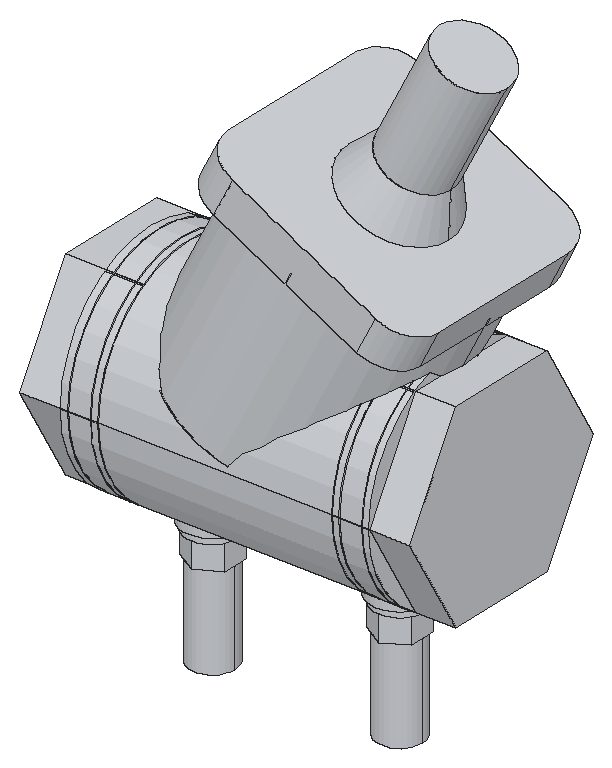
Revit family "Sigma_Compact_DN032_RFA_2019", category Pipe Accessories, Revit 2019
Family settings
  Round Connector Dimension = Use Diameter
  Part Type = Valve - Breaks Into
  Work Plane-Based = No
  Always vertical = Yes
  Cut with Voids When Loaded = No
  Shared = No
Parameters (values of type "Sigma Compact DN 32 s měřením")
  magiProductId = "7bc6b6dac0dd45edbe26d667b48f95"
  magiProductFamilyId = "3fdb776034814e15a56dcfd1ac03e4"
  magiPartTypeId = 304
  isMeasuringValve [instance] = no
  ang2D [instance] = 0.00°
  Z6 = 33 mm
  Z5 = 77 mm
  Z4 = 66 mm
  Z3 = 11 mm
  Z2 = 55 mm
  XR2 = 37.5 mm
  XR1 = 25.5 mm
  W2D = 32 mm
  VersionID = "2.0/2018.12.13.2/FRESE_SIGMA_PLUG_Q13_001"
  Use Minimum Symbol Size [instance] = no
  URL = "www.hydronix.cz"
  Type Comments = "závitový; vnitřní závit; PN25; max dp=400kPa; -10~+120°C; max uzavírací tlak 1MPa"
  R4 = 15 mm
  R3 = 10 mm
  R2 = 30.5 mm
  R1 = 31.5 mm
  QmdConnectorList = "301;D;302;D"
  Productdata [instance] = ""
  NL__ve = -NL  # -20.8 mm
  NL = 20.8 mm
  Manufacturer = "Hydronix"
  MC Use Limits From Balancing Method = no
  MC Throttling Minimum Value = 0
  MC Throttling Maximum Value = 0
  MC Product Code = "53-2206 DN32 FF s měřením; (200-5000 l/h); kvs=10,9"
  MC Pressure Drop Minimum Value = 0.0 Pa
  MC Pressure Drop Maximum Value = 0.0 Pa
  MC Piping Given Pressure Drop [instance] = 0.0 Pa
  M5 = 41.2 mm
  M4 = 39.2 mm
  M3 = 33.2 mm
  M2 = 31.2 mm
  LP = 52 mm
  LM = 62.4 mm
  LL__ve = -LL  # -6.8 mm
  LLT__ve = -LLT  # -22.6 mm
  LLT = 22.6 mm
  LLL = 11 mm
  LL3 = 52 mm
  LL2 = 43 mm
  LL = 6.8 mm
  L3 = 25 mm
  L2D_Min = 30.48 mm
  L2D = 82.4 mm
  Description = "Automatický vyvažovací ventil"
  DR1 = no
  DR0 = yes
  DL2 = 77 mm
  D = 32 mm
  CenSd_R2_6 = R2 * cos(30.00°)  # 26.414 mm
  CAT0 = yes
  C0D1 = no
  C0D0 = yes
Types (3, lengths in mm): name | magiProductId | Z6 | Z5 | Z4 | Z3 | Z2 | NL__ve | NL | MC Product Code | M5 | M4 | M3 | M2 | LP | LM | LL__ve | LLT__ve | LLT | LL3 | LL2 | LL | DL2 | D
  Sigma Compact DN 32 s měřením | "7bc6b6dac0dd45edbe26d667b48f95" | 33 | 77 | 66 | 11 | 55 | -20.8 | 20.8 | "53-2206 DN32 FF s měřením; (200-5000 l/h); kvs=10,9" | 41.2 | 39.2 | 33.2 | 31.2 | 52 | 62.4 | -6.8 | -22.6 | 22.6 | 52 | 43 | 6.8 | 77 | 32
  Sigma Compact DN 40 s měřením | "4e1b5a17d6804847bd559f7e701d18" | 39.3 | 91.7 | 78.6 | 13.1 | 65.5 | -27.6 | 27.6 | "53-2206 DN40 FF s měřením; (719-7400 l/h); kvs=18,0" | 51.4 | 49.4 | 43.4 | 41.4 | 69 | 82.8 | -7 | -24 | 24 | 54 | 45 | 7 | 79 | 40
  Sigma Compact DN 50 s měřením | "620459ae7aa94407adeea4e77bc07b" | 39.3 | 91.7 | 78.6 | 13.1 | 65.5 | -27.6 | 27.6 | "53-2207 DN50 FF s měřením; (900-10350 l/h); kvs=20,3" | 51.4 | 49.4 | 43.4 | 41.4 | 69 | 82.8 | -7.6 | -28.2 | 28.2 | 60 | 51 | 7.6 | 85 | 50
Reference planes
  plane 1 "Center (Front/Back)": y = 0
  plane 2 "XYPLANE": z = 0
  plane 3 "Center (Left/Right)": x = 0
  plane 4 "408": x = 52
  plane 5 "407": x = -52
  plane 6 "404": z = -45.2
  plane 7 "403": z = -52
  plane 8 "402": z = -77
  plane 9 "213": x = -25
  plane 10 "168": z = -18.6
  plane 11 "167": z = -20.6
  plane 12 "166": z = -27.4
  plane 13 "165": z = -34.2
  plane 14 "164": z = -36.2
  plane 15 "154": z = 0
  plane 16 "152": y = 0
  plane 17 "151": z = -43
  plane 18 "150": x = 25
  plane 19 "75": through (307.08, 0, 685.28) normal (0.891, 0, -0.454)
  plane 20 "74": x = 41.2
  plane 21 "73": x = 39.2
  plane 22 "72": x = 33.2
  plane 23 "71": x = 31.2
  plane 24 "70": x = -41.2
  plane 25 "69": x = -39.2
  plane 26 "68": x = -33.2
  plane 27 "67": y = 0
  plane 28 "66": through (-666.893, 0, 343.166) normal (0.454, 0, 0.891)
  plane 29 "65": x = -31.2
  plane 30 "64": through (335.147, 0, 670.979) normal (0.891, 0, -0.454)
  plane 31 "63": through (-643.285, 0, 389.498) normal (0.454, 0, 0.891)
  plane 32 "62": through (363.214, 0, 656.678) normal (0.891, 0, -0.454)
  plane 33 "61": y = 31.5
  plane 34 "60": y = -31.5
  plane 35 "59": through (-638.292, 0, 399.299) normal (0.454, 0, 0.891)
  plane 36 "58": through (-633.298, 0, 409.1) normal (0.454, 0, 0.891)
  plane 37 "56": x = 0
  plane 38 "55": through (-668.255, 0, 340.493) normal (0.454, 0, 0.891)
  plane 39 "102XY": through (-668.255, 0, 340.493) normal (0.454, 0, 0.891)
  plane 40 "102XZ": y = 0
  plane 41 "102YZ": through (340.493, 0, 668.255) normal (0.891, 0, -0.454)
Forms (mm)
  Extrusion 1, solid
    sketch origin (52, -750, 0) x (0, 1, 0) y (0, 0, 1)
      loop
        line (780.5, 0) -> (765.25, 26.414) -> (734.75, 26.414) -> (719.5, 0) -> (734.75, -26.414) -> (765.25, -26.414) -> (780.5, 0)
    from 0 to -20.8 <- "NL__ve"
  Extrusion 2, solid
    sketch origin (-52, -750, 0) x (0, 1, 0) y (0, 0, 1)
      loop
        line (719.5, 0) -> (734.75, -26.414) -> (765.25, -26.414) -> (780.5, 0) -> (765.25, 26.414) -> (734.75, 26.414) -> (719.5, 0)
    from 0 to 20.8 <- "NL"
  Extrusion 3, solid, visible <- "C0D1"
    sketch origin (-750, 0, -77) x (1, 0, 0) y (0, 1, 0)
      loop
        circle (725, 0) r 7
    from 0 to 50
  Extrusion 4, solid, visible <- "DR1"
    sketch origin (-750, 0, -45.2) x (1, 0, 0) y (0, 1, 0)
      loop
        line (725, -8) -> (731.928, -4) -> (731.928, 4) -> (725, 8) -> (718.072, 4) -> (718.072, -4) -> (725, -8)
    from 0 to -6.8 <- "LL__ve"
  Extrusion 5, solid, visible <- "DR1"
    sketch origin (-750, 0, -45.2) x (1, 0, 0) y (0, 1, 0)
      loop
        circle (725, 0) r 8
    from 0 to 11 <- "LLL"
  Extrusion 6, solid, visible <- "DR1"
    sketch origin (-750, 0, -34.2) x (1, 0, 0) y (0, 1, 0)
      loop
        circle (725, 0) r 9
    from 0 to 6.8 <- "LL"
  Extrusion 7, solid, visible <- "DR1"
    sketch origin (-750, 0, -27.4) x (1, 0, 0) y (0, 1, 0)
      loop
        circle (725, 0) r 10
    from 0 to 6.8 <- "LL"
  Blend 8, solid, visible <- "DR1"
    base sketch origin (-750, 0, -18.6) x (1, 0, 0) y (0, 1, 0)
      loop
        circle (725, 0) r 7.5
    top sketch origin (-750, 0, -18.6) x (1, 0, 0) y (0, 1, 0)
      loop
        circle (725, 0) r 10
    from 0 to -2
  Extrusion 9, solid, visible <- "DR1"
    sketch origin (-750, 0, 0) x (1, 0, 0) y (0, 1, 0)
      loop
        circle (725, 0) r 7.5
    from 0 to -22.6 <- "LLT__ve"
  Extrusion 10, solid, visible <- "C0D0"
    sketch origin (-750, 0, -43) x (1, 0, 0) y (0, 1, 0)
      loop
        circle (725, 0) r 6
    from 0 to -25
  Extrusion 11, solid, visible <- "DR0"
    sketch origin (-750, 0, -36.2) x (1, 0, 0) y (0, 1, 0)
      loop
        line (725, -7) -> (731.062, -3.5) -> (731.062, 3.5) -> (725, 7) -> (718.938, 3.5) -> (718.938, -3.5) -> (725, -7)
    from 0 to -6.8 <- "LL__ve"
  Extrusion 12, solid, visible <- "DR0"
    sketch origin (-750, 0, -36.2) x (1, 0, 0) y (0, 1, 0)
      loop
        circle (725, 0) r 7
    from 0 to 2
  Extrusion 13, solid, visible <- "DR0"
    sketch origin (-750, 0, -27.4) x (1, 0, 0) y (0, 1, 0)
      loop
        circle (725, 0) r 9
    from 0 to 6.8 <- "LL"
  Blend 14, solid, visible <- "DR0"
    base sketch origin (-750, 0, -18.6) x (1, 0, 0) y (0, 1, 0)
      loop
        circle (725, 0) r 6.5
    top sketch origin (-750, 0, -18.6) x (1, 0, 0) y (0, 1, 0)
      loop
        circle (725, 0) r 9
    from 0 to -2
  Extrusion 15, solid, visible <- "DR0"
    sketch origin (-750, 0, 0) x (1, 0, 0) y (0, 1, 0)
      loop
        circle (725, 0) r 6.5
    from 0 to -22.6 <- "LLT__ve"
  Extrusion 16, solid, visible <- "DR0"
    sketch origin (-750, 0, 0) x (1, 0, 0) y (0, 1, 0)
      loop
        circle (725, 0) r 6.5
    from 0 to -22.6 <- "LLT__ve"
  Blend 17, solid, visible <- "DR0"
    base sketch origin (-750, 0, -18.6) x (1, 0, 0) y (0, 1, 0)
      loop
        circle (725, 0) r 6.5
    top sketch origin (-750, 0, -18.6) x (1, 0, 0) y (0, 1, 0)
      loop
        circle (725, 0) r 9
    from 0 to -2
  Extrusion 18, solid, visible <- "DR0"
    sketch origin (-750, 0, -27.4) x (1, 0, 0) y (0, 1, 0)
      loop
        circle (725, 0) r 9
    from 0 to 6.8 <- "LL"
  Extrusion 19, solid, visible <- "DR0"
    sketch origin (-750, 0, -34.2) x (1, 0, 0) y (0, 1, 0)
      loop
        circle (725, 0) r 8
    from 0 to 6.8 <- "LL"
  Extrusion 20, solid, visible <- "DR0"
    sketch origin (-750, 0, -36.2) x (1, 0, 0) y (0, 1, 0)
      loop
        circle (725, 0) r 7
    from 0 to 2
  Extrusion 21, solid, visible <- "DR0"
    sketch origin (-750, 0, -36.2) x (1, 0, 0) y (0, 1, 0)
      loop
        line (725, -7) -> (731.062, -3.5) -> (731.062, 3.5) -> (725, 7) -> (718.938, 3.5) -> (718.938, -3.5) -> (725, -7)
    from 0 to -6.8 <- "LL__ve"
  Extrusion 22, solid, visible <- "C0D0"
    sketch origin (-750, 0, -43) x (1, 0, 0) y (0, 1, 0)
      loop
        circle (725, 0) r 6
    from 0 to -25
  Extrusion 23, solid, visible <- "CAT0"
    sketch origin (-750, 0, -43) x (1, 0, 0) y (0, 1, 0)
      loop
        circle (775, 0) r 6
    from 0 to -25
  Extrusion 24, solid
    sketch origin (-750, 0, -36.2) x (1, 0, 0) y (0, 1, 0)
      loop
        line (775, -7) -> (781.062, -3.5) -> (781.062, 3.5) -> (775, 7) -> (768.938, 3.5) -> (768.938, -3.5) -> (775, -7)
    from 0 to -6.8 <- "LL__ve"
  Extrusion 25, solid
    sketch origin (-750, 0, -36.2) x (1, 0, 0) y (0, 1, 0)
      loop
        circle (775, 0) r 7
    from 0 to 2
  Extrusion 26, solid
    sketch origin (-750, 0, -34.2) x (1, 0, 0) y (0, 1, 0)
      loop
        circle (775, 0) r 8
    from 0 to 6.8 <- "LL"
  Extrusion 27, solid
    sketch origin (-750, 0, -27.4) x (1, 0, 0) y (0, 1, 0)
      loop
        circle (775, 0) r 9
    from 0 to 6.8 <- "LL"
  Blend 28, solid
    base sketch origin (-750, 0, -18.6) x (1, 0, 0) y (0, 1, 0)
      loop
        circle (775, 0) r 6.5
    top sketch origin (-750, 0, -18.6) x (1, 0, 0) y (0, 1, 0)
      loop
        circle (775, 0) r 9
    from 0 to -2
  Extrusion 29, solid
    sketch origin (-750, 0, 0) x (1, 0, 0) y (0, 1, 0)
      loop
        circle (775, 0) r 6.5
    from 0 to -22.6 <- "LLT__ve"
  Blend 30, solid, visible <- "CAT0"
    base sketch origin (39.2, -750, 0) x (0, 1, 0) y (0, 0, 1)
      loop
        circle (750, 0) r 30.5
    top sketch origin (39.2, -750, 0) x (0, 1, 0) y (0, 0, 1)
      loop
        circle (750, 0) r 30.5
    from 0 to 2
  Extrusion 31, solid, visible <- "CAT0"
    sketch origin (33.2, -750, 0) x (0, 1, 0) y (0, 0, 1)
      loop
        circle (750, 0) r 30.5
    from 0 to 6
  Blend 32, solid, visible <- "CAT0"
    base sketch origin (31.2, -750, 0) x (0, 1, 0) y (0, 0, 1)
      loop
        circle (750, 0) r 30.5
    top sketch origin (31.2, -750, 0) x (0, 1, 0) y (0, 0, 1)
      loop
        circle (750, 0) r 30.5
    from 0 to 2
  Blend 33, solid, visible <- "CAT0"
    base sketch origin (-39.2, -750, 0) x (0, 1, 0) y (0, 0, 1)
      loop
        circle (750, 0) r 30.5
    top sketch origin (-39.2, -750, 0) x (0, 1, 0) y (0, 0, 1)
      loop
        circle (750, 0) r 30.5
    from 0 to -2
  Extrusion 34, solid, visible <- "CAT0"
    sketch origin (-39.2, -750, 0) x (0, 1, 0) y (0, 0, 1)
      loop
        circle (750, 0) r 30.5
    from 0 to 6
  Blend 35, solid, visible <- "CAT0"
    base sketch origin (-33.2, -750, 0) x (0, 1, 0) y (0, 0, 1)
      loop
        circle (750, 0) r 30.5
    top sketch origin (-33.2, -750, 0) x (0, 1, 0) y (0, 0, 1)
      loop
        circle (750, 0) r 30.5
    from 0 to 2
  Extrusion 36, solid, visible <- "CAT0"
    sketch origin (-31.2, -750, 0) x (0, 1, 0) y (0, 0, 1)
      loop
        circle (750, 0) r 30.5
    from 0 to 62.4 <- "LM"
  Extrusion 37, solid, visible <- "CAT0"
    sketch origin (-666.893, 0, 343.166) x (0.891007, 0, -0.45399) y (0, 1, 0)
      loop
        circle (744, 0) r 31.5
    from 0 to 55 <- "Z2"
  Extrusion 38, solid, visible <- "CAT0"
    sketch origin (-643.285, 0, 389.498) x (0.891007, 0, -0.45399) y (0, 1, 0)
      loop
        arc (722.5, 31.5) -> (715.429, 28.571) -> (712.5, 21.5) r 10
        line (712.5, 21.5) -> (712.5, -21.5)
        arc (712.5, -21.5) -> (715.429, -28.571) -> (722.5, -31.5) r 10
        line (722.5, -31.5) -> (765.5, -31.5)
        arc (765.5, -31.5) -> (772.571, -28.571) -> (775.5, -21.5) r 10
        line (775.5, -21.5) -> (775.5, 21.5)
        arc (775.5, 21.5) -> (772.571, 28.571) -> (765.5, 31.5) r 10
        line (765.5, 31.5) -> (722.5, 31.5)
    from 0 to 11 <- "Z3"
  Blend 39, solid, visible <- "CAT0"
    base sketch origin (-638.292, 0, 399.299) x (0.891007, 0, -0.45399) y (0, 1, 0)
      loop
        circle (744, 0) r 15
    top sketch origin (-638.292, 0, 399.299) x (0.891007, 0, -0.45399) y (0, 1, 0)
      loop
        circle (744, 0) r 10
    from 0 to 11
  Extrusion 40, solid, visible <- "CAT0"
    sketch origin (-633.298, 0, 409.1) x (0.891007, 0, -0.45399) y (0, 1, 0)
      loop
        circle (744, 0) r 10
    from 0 to 33 <- "Z6"
  Blend 41, solid, visible <- "CAT0"
    base sketch origin (-668.255, 0, 340.493) x (0.891007, 0, -0.45399) y (0, 1, 0)
      loop
        circle (744, 0) r 15
    top sketch origin (-668.255, 0, 340.493) x (0.891007, 0, -0.45399) y (0, 1, 0)
      loop
        circle (744, 0) r 31.5
    from 0 to 3
  Extrusion 42, solid, not visible
    sketch origin (-41.2, -750, 0) x (0, 1, 0) y (0, 0, 1)
      loop
        circle (750, 0) r 10
    from 0 to 10
  Extrusion 43, solid, not visible
    sketch origin (41.2, -750, 0) x (0, 1, 0) y (0, 0, 1)
      loop
        circle (750, 0) r 10
    from 0 to -10
Lines and regions (mm)
  reference lines, not visible
    curve 1: circle (2, 2, 0) r 1 normal (0, 0, 1)
  reference lines
    curve 2: line (52, 0, 0) -> (52, -7.625, 13.207)
    curve 3: line (52, 0, 0) -> (52, -15.25, 0)
    curve 4: line (52, 0, 0) -> (52, -7.625, -13.207)
    curve 5: line (-52, 0, 0) -> (-52, 7.625, 13.207)
    curve 6: line (-52, 0, 0) -> (-52, 15.25, 0)
    curve 7: line (-52, 0, 0) -> (-52, 7.625, -13.207)
Dimensions and locks
  plane 1 "Center (Front/Back)" to curve 1 = 2 mm
  "LP": plane 37 "56" to plane 4 "408"
  "LP": plane 37 "56" to plane 5 "407"
  "LL": plane 7 "403" to plane 6 "404"
  "LL3": plane 2 "XYPLANE" to plane 7 "403"
  "DL2": plane 2 "XYPLANE" to plane 8 "402"
  "L3": plane 3 "Center (Left/Right)" to plane 9 "213"
  locked: plane 11 "167" to plane 10 "168" at 2
  "LL": plane 12 "166" to plane 11 "167"
  "LL": plane 13 "165" to plane 12 "166"
  locked: plane 14 "164" to plane 13 "165" at 2
  "LL": plane 17 "151" to plane 14 "164"
  locked: plane 2 "XYPLANE" to plane 15 "154"
  locked: plane 1 "Center (Front/Back)" to plane 16 "152"
  "LL2": plane 2 "XYPLANE" to plane 17 "151"
  "L3": plane 3 "Center (Left/Right)" to plane 18 "150"
  "XR2": plane 41 "102YZ" to plane 19 "75"
  "M5": plane 3 "Center (Left/Right)" to plane 20 "74"
  "M4": plane 3 "Center (Left/Right)" to plane 21 "73"
  "M3": plane 3 "Center (Left/Right)" to plane 22 "72"
  "M2": plane 3 "Center (Left/Right)" to plane 23 "71"
  "M5": plane 3 "Center (Left/Right)" to plane 24 "70"
  "M4": plane 3 "Center (Left/Right)" to plane 25 "69"
  "M3": plane 3 "Center (Left/Right)" to plane 26 "68"
  locked: plane 16 "152" to plane 27 "67"
  locked: plane 39 "102XY" to plane 28 "66" at 3
  "M2": plane 3 "Center (Left/Right)" to plane 29 "65"
  locked: plane 41 "102YZ" to plane 30 "64" at 6
  "Z2": plane 39 "102XY" to plane 31 "63"
  "XR1": plane 41 "102YZ" to plane 32 "62"
  "R1": plane 16 "152" to plane 33 "61"
  "R1": plane 16 "152" to plane 34 "60"
  "Z4": plane 39 "102XY" to plane 35 "59"
  "Z5": plane 39 "102XY" to plane 36 "58"
  locked: plane 3 "Center (Left/Right)" to plane 37 "56"
  locked: plane 39 "102XY" to plane 38 "55"
  "CenSd_R2_6": curve 2 to Extrusion 1 sketch curve  (x2)
  "CenSd_R2_6": curve 3 to Extrusion 1 sketch curve  (x2)
  "CenSd_R2_6": curve 4 to Extrusion 1 sketch curve  (x2)
  Extrusion 1 sketch curve to Extrusion 1 sketch curve = 0 mm  (x12)
  "CenSd_R2_6": curve 5 to Extrusion 2 sketch curve  (x2)
  "CenSd_R2_6": curve 6 to Extrusion 2 sketch curve  (x2)
  "CenSd_R2_6": curve 7 to Extrusion 2 sketch curve  (x2)
  Extrusion 2 sketch curve to Extrusion 2 sketch curve = 0 mm  (x12)
  Extrusion 4 sketch curve to Extrusion 4 sketch curve = 0 mm  (x12)
  Extrusion 11 sketch curve to Extrusion 11 sketch curve = 0 mm  (x12)
  Extrusion 21 sketch curve to Extrusion 21 sketch curve = 0 mm  (x12)
  Extrusion 24 sketch curve to Extrusion 24 sketch curve = 0 mm  (x12)
  Extrusion 38 sketch curve to Extrusion 38 sketch curve = 0 mm  (x16)
  "R2": radius of Blend 30 sketch curve  (x2)
  "R2": radius of Extrusion 31 sketch curve
  "R2": radius of Blend 32 sketch curve  (x2)
  "R2": radius of Blend 33 sketch curve  (x2)
  "R2": radius of Extrusion 34 sketch curve
  "R2": radius of Blend 35 sketch curve  (x2)
  "R2": radius of Extrusion 36 sketch curve
  "R1": radius of Extrusion 37 sketch curve
  radius of Extrusion 38 sketch curve = 10 mm  (x4)
  "R3": radius of Blend 39 sketch curve
  "R4": radius of Blend 39 sketch curve
  "R3": radius of Extrusion 40 sketch curve
  "R1": radius of Blend 41 sketch curve
  locked: curve 3 to curve 2 (angle 60.00°)
  locked: curve 4 to curve 3 (angle 60.00°)
  locked: curve 4 to curve 2 (angle 120.00°)
  locked: curve 6 to curve 5 (angle 60.00°)
  locked: curve 7 to curve 6 (angle 60.00°)
  locked: curve 7 to curve 5 (angle 120.00°)
  aligned and locked: level to plane 2 "XYPLANE"
  aligned and locked: plane 15 "154" to curve 4
  aligned and locked: curve 4 to plane 16 "152"
  aligned and locked: plane 15 "154" to curve 7
  aligned and locked: curve 7 to plane 16 "152"
  aligned and locked: plane 9 "213" to Extrusion 3 sketch curve
  aligned and locked: plane 16 "152" to Extrusion 3 sketch curve
  aligned and locked: plane 9 "213" to Extrusion 5 sketch curve
  aligned and locked: plane 16 "152" to Extrusion 5 sketch curve
  aligned and locked: plane 9 "213" to Extrusion 6 sketch curve
  aligned and locked: plane 16 "152" to Extrusion 6 sketch curve
  aligned and locked: plane 9 "213" to Extrusion 7 sketch curve
  aligned and locked: plane 16 "152" to Extrusion 7 sketch curve
  aligned and locked: plane 9 "213" to Blend 8 sketch curve  (x2)
  aligned and locked: plane 16 "152" to Blend 8 sketch curve  (x2)
  aligned and locked: Blend 8 to plane 11 "167"
  aligned and locked: plane 9 "213" to Extrusion 9 sketch curve
  aligned and locked: plane 16 "152" to Extrusion 9 sketch curve
  aligned and locked: plane 9 "213" to Extrusion 10 sketch curve
  aligned and locked: plane 16 "152" to Extrusion 10 sketch curve
  aligned and locked: plane 9 "213" to Extrusion 12 sketch curve
  aligned and locked: plane 16 "152" to Extrusion 12 sketch curve
  aligned and locked: plane 9 "213" to Extrusion 13 sketch curve
  aligned and locked: plane 16 "152" to Extrusion 13 sketch curve
  aligned and locked: plane 9 "213" to Blend 14 sketch curve  (x2)
  aligned and locked: plane 16 "152" to Blend 14 sketch curve  (x2)
  aligned and locked: Blend 14 to plane 11 "167"
  aligned and locked: plane 9 "213" to Extrusion 15 sketch curve
  aligned and locked: plane 16 "152" to Extrusion 15 sketch curve
  aligned and locked: plane 9 "213" to Extrusion 16 sketch curve
  aligned and locked: plane 16 "152" to Extrusion 16 sketch curve
  aligned and locked: plane 9 "213" to Blend 17 sketch curve  (x2)
  aligned and locked: plane 16 "152" to Blend 17 sketch curve  (x2)
  aligned and locked: Blend 17 to plane 11 "167"
  aligned and locked: plane 9 "213" to Extrusion 18 sketch curve
  aligned and locked: plane 16 "152" to Extrusion 18 sketch curve
  aligned and locked: plane 9 "213" to Extrusion 19 sketch curve
  aligned and locked: plane 16 "152" to Extrusion 19 sketch curve
  aligned and locked: plane 9 "213" to Extrusion 20 sketch curve
  aligned and locked: plane 16 "152" to Extrusion 20 sketch curve
  aligned and locked: plane 9 "213" to Extrusion 22 sketch curve
  aligned and locked: plane 16 "152" to Extrusion 22 sketch curve
  aligned and locked: plane 16 "152" to Extrusion 23 sketch curve
  aligned and locked: plane 18 "150" to Extrusion 23 sketch curve
  aligned and locked: plane 16 "152" to Extrusion 25 sketch curve
  aligned and locked: plane 18 "150" to Extrusion 25 sketch curve
  aligned and locked: plane 16 "152" to Extrusion 26 sketch curve
  aligned and locked: plane 18 "150" to Extrusion 26 sketch curve
  aligned and locked: plane 16 "152" to Extrusion 27 sketch curve
  aligned and locked: plane 18 "150" to Extrusion 27 sketch curve
  aligned and locked: plane 16 "152" to Blend 28 sketch curve  (x2)
  aligned and locked: plane 18 "150" to Blend 28 sketch curve  (x2)
  aligned and locked: Blend 28 to plane 11 "167"
  aligned and locked: plane 16 "152" to Extrusion 29 sketch curve
  aligned and locked: plane 18 "150" to Extrusion 29 sketch curve
  aligned and locked: plane 15 "154" to Blend 30 sketch curve  (x2)
  aligned and locked: Blend 30 sketch curve to plane 16 "152"  (x2)
  aligned and locked: plane 20 "74" to Blend 30
  aligned and locked: plane 15 "154" to Extrusion 31 sketch curve
  aligned and locked: Extrusion 31 sketch curve to plane 16 "152"
  aligned and locked: plane 15 "154" to Blend 32 sketch curve  (x2)
  aligned and locked: Blend 32 sketch curve to plane 16 "152"  (x2)
  aligned and locked: plane 22 "72" to Blend 32
  aligned and locked: plane 15 "154" to Blend 33 sketch curve  (x2)
  aligned and locked: Blend 33 sketch curve to plane 16 "152"  (x2)
  aligned and locked: Blend 33 to plane 24 "70"
  aligned and locked: plane 15 "154" to Extrusion 34 sketch curve
  aligned and locked: Extrusion 34 sketch curve to plane 16 "152"
  aligned and locked: plane 15 "154" to Blend 35 sketch curve  (x2)
  aligned and locked: Blend 35 sketch curve to plane 16 "152"  (x2)
  aligned and locked: plane 29 "65" to Blend 35
  aligned and locked: plane 15 "154" to Extrusion 36 sketch curve
  aligned and locked: Extrusion 36 sketch curve to plane 16 "152"
  aligned and locked: plane 27 "67" to Extrusion 37 sketch curve
  aligned and locked: Extrusion 37 sketch curve to plane 30 "64"
  aligned and locked: Extrusion 38 sketch curve to plane 19 "75"
  aligned and locked: Extrusion 38 sketch curve to plane 34 "60"
  aligned and locked: Extrusion 38 sketch curve to plane 32 "62"
  aligned and locked: plane 33 "61" to Extrusion 38 sketch curve
  aligned and locked: plane 27 "67" to Blend 39 sketch curve  (x2)
  aligned and locked: Blend 39 sketch curve to plane 30 "64"  (x2)
  aligned and locked: plane 36 "58" to Blend 39
  aligned and locked: plane 27 "67" to Extrusion 40 sketch curve
  aligned and locked: Extrusion 40 sketch curve to plane 30 "64"
  aligned and locked: plane 27 "67" to Blend 41 sketch curve  (x2)
  aligned and locked: Blend 41 sketch curve to plane 30 "64"  (x2)
  aligned and locked: plane 28 "66" to Blend 41
  aligned and locked: plane 15 "154" to Extrusion 42 sketch curve
  aligned and locked: Extrusion 42 sketch curve to plane 16 "152"
  aligned and locked: plane 15 "154" to Extrusion 43 sketch curve
  aligned and locked: Extrusion 43 sketch curve to plane 16 "152"
Automatic sketch dimensions
  Extrusion 3 sketch curve to plane 29 "65" = 0.8 mm
  Extrusion 4 sketch curve to plane 9 "213" = 0 mm  (x2)
  Extrusion 4 sketch curve to plane 29 "65" = 0.728 mm
  plane 9 "213" to Extrusion 4 sketch curve = 6.928 mm
  plane 1 "Center (Front/Back)" to Extrusion 4 sketch curve = 8 mm
  plane 1 "Center (Front/Back)" to Extrusion 4 sketch curve = 4 mm  (x2)
  Extrusion 4 sketch curve to plane 1 "Center (Front/Back)" = 4 mm  (x2)
  Extrusion 4 sketch curve to plane 1 "Center (Front/Back)" = 8 mm
  plane 26 "68" to Extrusion 5 sketch curve = 0.2 mm
  Extrusion 6 sketch curve to plane 26 "68" = 0.8 mm
  Extrusion 7 sketch curve to plane 26 "68" = 1.8 mm
  plane 26 "68" to Blend 8 sketch curve = 0.7 mm
  Blend 8 sketch curve to plane 26 "68" = 1.8 mm
  plane 26 "68" to Extrusion 9 sketch curve = 0.7 mm
  plane 29 "65" to Extrusion 10 sketch curve = 0.2 mm
  Extrusion 11 sketch curve to plane 9 "213" = 0 mm  (x2)
  plane 29 "65" to Extrusion 11 sketch curve = 0.138 mm
  plane 9 "213" to Extrusion 11 sketch curve = 6.062 mm
  plane 1 "Center (Front/Back)" to Extrusion 11 sketch curve = 7 mm
  plane 1 "Center (Front/Back)" to Extrusion 11 sketch curve = 3.5 mm  (x2)
  Extrusion 11 sketch curve to plane 1 "Center (Front/Back)" = 3.5 mm  (x2)
  Extrusion 11 sketch curve to Extrusion 11 sketch curve = 3.5 mm
  Extrusion 12 sketch curve to plane 29 "65" = 0.8 mm
  Extrusion 13 sketch curve to plane 26 "68" = 0.8 mm
  Blend 14 sketch curve to plane 29 "65" = 0.3 mm
  Blend 14 sketch curve to plane 26 "68" = 0.8 mm
  Extrusion 15 sketch curve to plane 29 "65" = 0.3 mm
  Extrusion 16 sketch curve to plane 29 "65" = 0.3 mm
  Blend 17 sketch curve to plane 29 "65" = 0.3 mm
  Blend 17 sketch curve to plane 26 "68" = 0.8 mm
  Extrusion 18 sketch curve to plane 26 "68" = 0.8 mm
  plane 26 "68" to Extrusion 19 sketch curve = 0.2 mm
  Extrusion 20 sketch curve to plane 29 "65" = 0.8 mm
  Extrusion 21 sketch curve to plane 9 "213" = 0 mm  (x2)
  plane 29 "65" to Extrusion 21 sketch curve = 0.138 mm
  plane 9 "213" to Extrusion 21 sketch curve = 6.062 mm
  plane 1 "Center (Front/Back)" to Extrusion 21 sketch curve = 7 mm
  plane 1 "Center (Front/Back)" to Extrusion 21 sketch curve = 3.5 mm  (x2)
  Extrusion 21 sketch curve to plane 1 "Center (Front/Back)" = 3.5 mm  (x2)
  Extrusion 21 sketch curve to Extrusion 21 sketch curve = 3.5 mm
  plane 29 "65" to Extrusion 22 sketch curve = 0.2 mm
  Extrusion 23 sketch curve to plane 18 "150" = 6 mm
  Extrusion 24 sketch curve to plane 18 "150" = 0 mm  (x2)
  Extrusion 24 sketch curve to plane 18 "150" = 6.062 mm
  Extrusion 24 sketch curve to plane 23 "71" = 0.138 mm
  plane 1 "Center (Front/Back)" to Extrusion 24 sketch curve = 7 mm
  plane 1 "Center (Front/Back)" to Extrusion 24 sketch curve = 3.5 mm  (x2)
  Extrusion 24 sketch curve to plane 1 "Center (Front/Back)" = 3.5 mm  (x2)
  Extrusion 24 sketch curve to Extrusion 24 sketch curve = 3.5 mm
  Extrusion 25 sketch curve to plane 18 "150" = 7 mm
  Extrusion 26 sketch curve to plane 18 "150" = 8 mm
  Extrusion 27 sketch curve to Extrusion 27 sketch curve = 9 mm
  Blend 28 sketch curve to plane 18 "150" = 6.5 mm
  Blend 28 sketch curve to Blend 28 sketch curve = 9 mm
  Extrusion 29 sketch curve to plane 18 "150" = 6.5 mm
  Blend 41 sketch curve to Blend 41 sketch curve = 15 mm
  plane 1 "Center (Front/Back)" to Extrusion 42 sketch curve = 10 mm
  plane 1 "Center (Front/Back)" to Extrusion 43 sketch curve = 10 mm
  plane 3 "Center (Left/Right)" to curve 1 = 2 mm
  radius of curve 1 = 1 mm
Connectors
  piping at (-41.2, 0, 0), diameter 32, driven by "D"
    settings: on Extrusion 42, index 1, connector inside diameter 609.6 mm, connector length 0 mm, flow factor 0, pipe flow 0.0 L/s, pressure drop 0.0 Pa, fitting loss kfactor 0, connector angle 0.00°, fixture units 0, engagement length 0 mm, angle of deflection 0.00°, flow configuration 0, flow direction 0, fitting loss method 0, system type 29, joint type 0, gender type 0, connector reference index 2, connector utility 0, adjustable connector no, is connector primary yes, connector description ""
  piping at (41.2, 0, 0), diameter 32, driven by "D"
    settings: on Extrusion 43, index 2, connector inside diameter 609.6 mm, connector length 0 mm, flow factor 0, pipe flow 0.0 L/s, pressure drop 0.0 Pa, fitting loss kfactor 0, connector angle 0.00°, fixture units 0, engagement length 0 mm, angle of deflection 0.00°, flow configuration 0, flow direction 0, fitting loss method 0, system type 29, joint type 0, gender type 0, connector reference index 1, connector utility 0, adjustable connector no, is connector primary no, connector description ""
